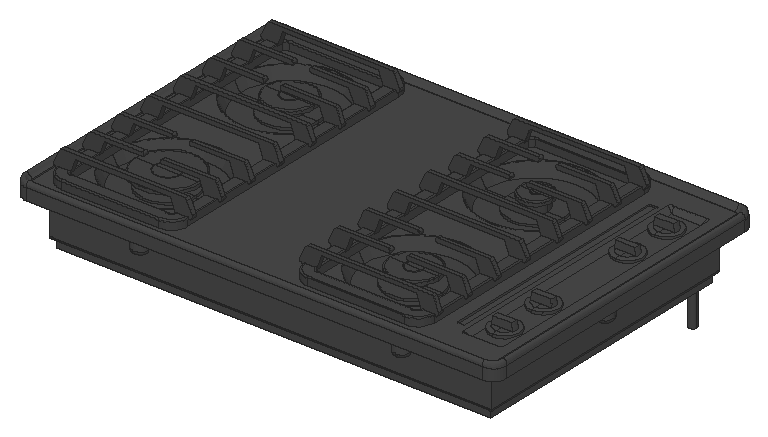
Revit family "QF_Summit_TTL053S_Cooktop", category Specialty Equipment, Revit 2020
Family settings
  Round Connector Dimension = Use Diameter
  Part Type = Normal
  Work Plane-Based = No
  Always vertical = Yes
  Cut with Voids When Loaded = No
  Shared = No
  Room Calculation Point = No
Parameters
  Weight in Pounds = 27
  Watts = 0 W
  Volts = 115 V
  URL Cutsheet = ""
  Specification by User = ""
  Specification by Manufacturer = ""
  Serial Number = ""
  Seismic Rating = ""
  SMACNA No = ""
  Revision Code = ""
  Plumbing Remarks = ""
  Plumbing Connection Type = ""
  Phase = 1
  Number of Poles = 1
  NAFEM Spec ID Number = ""
  Model = "TTL053S"
  Min Ckt Ampacity = 0 A
  Max Overcurrent Protection = 0 A
  Masterspec = ""
  Manufacturer = "Summit"
  Length = 29 3/4"
  Item Number = ""
  Installed By = ""
  Identify Quantity as Lot = yes
  Height = 4"
  HP = ""
  Gas Size = 0"
  Gas RI Height = 0"
  Gas KW = 0
  Gas Input = 12000.0 Btu/h
  Gas Connection Height = 0"
  Furnished By = ""
  Foodservice Equipment Identifier = yes
  FL Amps = 0 A
  Electrical Remarks = ""
  Elec Conn RI Height = 0"
  Elec Conn Connection Height = 0"
  Description = "Cooktop"
  Depth = 20"
  Default Elevation = 0"
  Cycle = 60 Hz
  Conn Plug = "3 Prong Cord"
  Conn Conduit = yes
  CSI MasterFormat = ""
  Apparent Power = 0 VA
Reference planes (in)
  plane 1 "BACK": y = 0
  plane 2: z = 0
  plane 3 "LEFT": x = 0
  plane 4 "RIGHT": x = 29.75
  plane 5 "FRONT": y = -20
  plane 6 "TOP": z = 4
  plane 7 "Center Y": x = 14.875
  plane 8 "Center X": y = -10
  plane 9: z = 3
  plane 10: z = 0.5
  plane 11: z = -2.5
Forms (in)
  Sweep 1, solid, material "QF_Plastic_Black_Smooth"
    path origin (0, 0, 3.99988) x (-1, 0, 0) y (0, -1, 0)
      loop
        line (-0.0625, 0.8125) -> (-0.0625, 19.1875)
        arc (-0.0625, 19.1875) -> (-0.28217, 19.71783) -> (-0.8125, 19.9375) r 0.75
        line (-0.8125, 19.9375) -> (-28.9375, 19.9375)
        arc (-28.9375, 19.9375) -> (-29.46783, 19.71783) -> (-29.6875, 19.1875) r 0.75
        line (-29.6875, 19.1875) -> (-29.6875, 0.8125)
        arc (-29.6875, 0.8125) -> (-29.46783, 0.28217) -> (-28.9375, 0.0625) r 0.75
        line (-28.9375, 0.0625) -> (-0.8125, 0.0625)
        arc (-0.8125, 0.0625) -> (-0.28217, 0.28217) -> (-0.0625, 0.8125) r 0.75
    profile origin (0.0625, -10, 3.99988) x (1, 0, 0) y (0, 0, 1)
      loop
        line (0.50007, -0.99988) -> (0.50007, -0.24988)
        spline (0.50007, -0.24988) -> (0.38683, -0.22526) -> (0.30986, -0.16677) -> (0.25459, -0.09746) -> (0.20654, -0.0403) -> (0.15715, -0.00897) -> (0.1083, -0.00102) -> (0.06291, -0.01235) -> (0.02367, -0.03905) -> (-0.00886, -0.07917) -> (-0.03532, -0.13183) -> (-0.05489, -0.20201) -> (-0.06266, -0.31115)
        line (-0.06266, -0.31115) -> (-0.06266, -0.99988) -> (0.50007, -0.99988)
  Extrusion 2, solid, material "QF_Plastic_Black_Smooth"
    sketch origin (23.1875, -0.5625, 3.49988) x (0, 1, 0) y (1, 0, 0)
      loop
        circle (-4.74127, -17.90956) r 3.49904
      loop
        line (-18.875, 5.75) -> (-18.875, -22.375)
        arc (-18.875, -22.375) -> (-18.80178, -22.55178) -> (-18.625, -22.625) r 0.25
        line (-18.625, -22.625) -> (-0.25, -22.625)
        arc (-0.25, -22.625) -> (-0.07322, -22.55178) -> (0, -22.375) r 0.25
        line (0, -22.375) -> (0, 5.75)
        arc (0, 5.75) -> (-0.07322, 5.92678) -> (-0.25, 6) r 0.25
        line (-0.25, 6) -> (-18.625, 6)
        arc (-18.625, 6) -> (-18.80178, 5.92678) -> (-18.875, 5.75) r 0.25
      loop
        circle (-4.74127, -2.71662) r 3.49904
      loop
        circle (-14.13373, -17.90956) r 3.49904
      loop
        circle (-14.13373, -2.71662) r 3.49904
    from 0.49988 to -0.25012
  Blend 3, void
    base sketch origin (23.18874, -0.56796, 3.79988) x (0, 1, 0) y (-1, 0, 0)
      loop
        arc (-1.25, -3) -> (-1.32322, -2.82322) -> (-1.5, -2.75) r 0.25
        line (-1.5, -2.75) -> (-17.375, -2.75)
        arc (-17.375, -2.75) -> (-17.55178, -2.82322) -> (-17.625, -3) r 0.25
        line (-17.625, -3) -> (-17.625, -5.25)
        arc (-17.625, -5.25) -> (-17.55178, -5.42678) -> (-17.375, -5.5) r 0.25
        line (-17.375, -5.5) -> (-1.5, -5.5)
        arc (-1.5, -5.5) -> (-1.32322, -5.42678) -> (-1.25, -5.25) r 0.25
        line (-1.25, -5.25) -> (-1.25, -3)
    top sketch origin (23.18874, -0.56796, 3.79988) x (0, 1, 0) y (-1, 0, 0)
      loop
        line (-1.71875, -3.21875) -> (-17.15625, -3.21875) -> (-17.15625, -5.03125) -> (-1.71875, -5.03125) -> (-1.71875, -3.21875)
    from 0.0625 to -0.31152
  Extrusion 4, void
    sketch origin (23.18874, -0.56796, 3.79988) x (0, 1, 0) y (-1, 0, 0)
      loop
        arc (-2, -2.1875) -> (-2.01831, -2.14331) -> (-2.0625, -2.125) r 0.0625
        line (-2.0625, -2.125) -> (-16.8125, -2.125)
        arc (-16.8125, -2.125) -> (-16.85669, -2.14331) -> (-16.875, -2.1875) r 0.0625
        line (-16.875, -2.1875) -> (-16.875, -2.5625)
        arc (-16.875, -2.5625) -> (-16.85669, -2.60669) -> (-16.8125, -2.625) r 0.0625
        line (-16.8125, -2.625) -> (-2.0625, -2.625)
        arc (-2.0625, -2.625) -> (-2.01831, -2.60669) -> (-2, -2.5625) r 0.0625
        line (-2, -2.5625) -> (-2, -2.1875)
    from 0.0625 to -0.125
  Revolve 5, solid, material "QF_Plastic_Black_Smooth"
    sketch origin (27.31374, -3, 0.48835) x (0, 1, 0) y (0, 0, 1)
      loop
        line (-0.75736, 3) -> (-0.50736, 3) -> (-0.50736, 3.07947) -> (0.15671, 3.07947) -> (0.15671, 3.2014)
        arc (0.15671, 3.2014) -> (0.03405, 3.23774) -> (-0.09329, 3.25) r 0.66737
        line (-0.09329, 3.25) -> (-0.75736, 3.25) -> (-0.75736, 3)
      axis (-0.75736, 3.25) -> (-0.75736, 3)
    angle from 0 to 360
  Blend 6, solid, material "QF_Plastic_Black_Smooth"
    base sketch origin (5.74846, -3, 4.23835) x (-1, 0, 0) y (0, -1, 0)
      loop
        arc (-20.9318, 0.55812) -> (-20.90121, 0.75736) -> (-20.9318, 0.95659) r 0.66406
        line (-20.9318, 0.95659) -> (-22.19875, 0.95659)
        arc (-22.19875, 0.95659) -> (-22.22934, 0.75736) -> (-22.19875, 0.55812) r 0.66406
        line (-22.19875, 0.55812) -> (-20.9318, 0.55812)
    top sketch origin (5.74846, -3, 4.23835) x (-1, 0, 0) y (0, -1, 0)
      loop
        arc (-20.98589, 0.57514) -> (-20.95791, 0.75736) -> (-20.98589, 0.93958) r 0.60736
        line (-20.98589, 0.93958) -> (-22.14466, 0.93958)
        arc (-22.14466, 0.93958) -> (-22.17264, 0.75736) -> (-22.14466, 0.57514) r 0.60736
        line (-22.14466, 0.57514) -> (-20.98589, 0.57514)
    from -0.5 to -0.05271
  Revolve 7, solid, material "QF_Plastic_Black_Smooth", not visible
    sketch origin (21.56528, -3, 0) x (0, 1, 0) y (0, 0, 1)
      loop
        line (-0.75736, 3) -> (-0.50736, 3) -> (-0.50736, 3.07947) -> (0.15671, 3.07947) -> (0.15671, 3.2014)
        arc (0.15671, 3.2014) -> (0.03405, 3.23774) -> (-0.09329, 3.25) r 0.66737
        line (-0.09329, 3.25) -> (-0.75736, 3.25) -> (-0.75736, 3)
      axis (-0.75736, 3.25) -> (-0.75736, 3)
    angle from 0 to 360
  Blend 8, solid, material "QF_Plastic_Black_Smooth", not visible
    base sketch origin (0, -3, 3.75) x (-1, 0, 0) y (0, -1, 0)
      loop
        arc (-20.9318, 0.55812) -> (-20.90121, 0.75736) -> (-20.9318, 0.95659) r 0.66406
        line (-20.9318, 0.95659) -> (-22.19875, 0.95659)
        arc (-22.19875, 0.95659) -> (-22.22934, 0.75736) -> (-22.19875, 0.55812) r 0.66406
        line (-22.19875, 0.55812) -> (-20.9318, 0.55812)
    top sketch origin (0, -3, 3.75) x (-1, 0, 0) y (0, -1, 0)
      loop
        arc (-20.98589, 0.57514) -> (-20.95791, 0.75736) -> (-20.98589, 0.93958) r 0.60736
        line (-20.98589, 0.93958) -> (-22.14466, 0.93958)
        arc (-22.14466, 0.93958) -> (-22.17264, 0.75736) -> (-22.14466, 0.57514) r 0.60736
        line (-22.14466, 0.57514) -> (-20.98589, 0.57514)
    from -0.5 to -0.05271
  Revolve 9, solid, material "QF_Plastic_Black_Smooth"
    sketch origin (27.31156, -3.00158, 0.48835) x (0, 1, 0) y (0, 0, 1)
      loop
        line (-3.75736, 3) -> (-3.50736, 3) -> (-3.50736, 3.07947) -> (-2.84329, 3.07947) -> (-2.84329, 3.2014)
        arc (-2.84329, 3.2014) -> (-2.96595, 3.23774) -> (-3.09329, 3.25) r 0.66737
        line (-3.09329, 3.25) -> (-3.75736, 3.25) -> (-3.75736, 3)
      axis (-3.75736, 3.25) -> (-3.75736, 3)
    angle from 0 to 360
  Blend 10, solid, material "QF_Plastic_Black_Smooth"
    base sketch origin (5.74628, -3.00158, 4.23835) x (-1, 0, 0) y (0, -1, 0)
      loop
        arc (-20.9318, 3.55812) -> (-20.90121, 3.75736) -> (-20.9318, 3.95659) r 0.66406
        line (-20.9318, 3.95659) -> (-22.19875, 3.95659)
        arc (-22.19875, 3.95659) -> (-22.22934, 3.75736) -> (-22.19875, 3.55812) r 0.66406
        line (-22.19875, 3.55812) -> (-20.9318, 3.55812)
    top sketch origin (5.74628, -3.00158, 4.23835) x (-1, 0, 0) y (0, -1, 0)
      loop
        arc (-20.98589, 3.57514) -> (-20.95791, 3.75736) -> (-20.98589, 3.93958) r 0.60736
        line (-20.98589, 3.93958) -> (-22.14466, 3.93958)
        arc (-22.14466, 3.93958) -> (-22.17264, 3.75736) -> (-22.14466, 3.57514) r 0.60736
        line (-22.14466, 3.57514) -> (-20.98589, 3.57514)
    from -0.5 to -0.05271
  Revolve 11, solid, material "QF_Plastic_Black_Smooth"
    sketch origin (27.31156, -6.00158, 0.48835) x (0, 1, 0) y (0, 0, 1)
      loop
        line (-10.24264, 3) -> (-10.24264, 3.25) -> (-10.90671, 3.25)
        arc (-10.90671, 3.25) -> (-11.03405, 3.23774) -> (-11.15671, 3.2014) r 0.66737
        line (-11.15671, 3.2014) -> (-11.15671, 3.07947) -> (-10.49264, 3.07947) -> (-10.49264, 3) -> (-10.24264, 3)
      axis (-10.24264, 3.25) -> (-10.24264, 3)
    angle from 0 to 360
  Blend 12, solid, material "QF_Plastic_Black_Smooth"
    base sketch origin (5.74628, -6.00158, 4.23835) x (-1, 0, 0) y (0, -1, 0)
      loop
        line (-20.9318, 10.44188) -> (-22.19875, 10.44188)
        arc (-22.19875, 10.44188) -> (-22.22934, 10.24264) -> (-22.19875, 10.04341) r 0.66406
        line (-22.19875, 10.04341) -> (-20.9318, 10.04341)
        arc (-20.9318, 10.04341) -> (-20.90121, 10.24264) -> (-20.9318, 10.44188) r 0.66406
    top sketch origin (5.74628, -6.00158, 4.23835) x (-1, 0, 0) y (0, -1, 0)
      loop
        line (-20.98589, 10.42486) -> (-22.14466, 10.42486)
        arc (-22.14466, 10.42486) -> (-22.17264, 10.24264) -> (-22.14466, 10.06042) r 0.60736
        line (-22.14466, 10.06042) -> (-20.98589, 10.06042)
        arc (-20.98589, 10.06042) -> (-20.95791, 10.24264) -> (-20.98589, 10.42486) r 0.60736
    from -0.5 to -0.05271
  Revolve 13, solid, material "QF_Plastic_Black_Smooth"
    sketch origin (27.31156, -3.00158, 0.48835) x (0, 1, 0) y (0, 0, 1)
      loop
        line (-10.24264, 3) -> (-10.24264, 3.25) -> (-10.90671, 3.25)
        arc (-10.90671, 3.25) -> (-11.03405, 3.23774) -> (-11.15671, 3.2014) r 0.66737
        line (-11.15671, 3.2014) -> (-11.15671, 3.07947) -> (-10.49264, 3.07947) -> (-10.49264, 3) -> (-10.24264, 3)
      axis (-10.24264, 3.25) -> (-10.24264, 3)
    angle from 0 to 360
  Blend 14, solid, material "QF_Plastic_Black_Smooth"
    base sketch origin (5.74628, -3.00158, 4.23835) x (-1, 0, 0) y (0, -1, 0)
      loop
        line (-20.9318, 10.44188) -> (-22.19875, 10.44188)
        arc (-22.19875, 10.44188) -> (-22.22934, 10.24264) -> (-22.19875, 10.04341) r 0.66406
        line (-22.19875, 10.04341) -> (-20.9318, 10.04341)
        arc (-20.9318, 10.04341) -> (-20.90121, 10.24264) -> (-20.9318, 10.44188) r 0.66406
    top sketch origin (5.74628, -3.00158, 4.23835) x (-1, 0, 0) y (0, -1, 0)
      loop
        line (-20.98589, 10.42486) -> (-22.14466, 10.42486)
        arc (-22.14466, 10.42486) -> (-22.17264, 10.24264) -> (-22.14466, 10.06042) r 0.60736
        line (-22.14466, 10.06042) -> (-20.98589, 10.06042)
        arc (-20.98589, 10.06042) -> (-20.95791, 10.24264) -> (-20.98589, 10.42486) r 0.60736
    from -0.5 to -0.05271
  Revolve 15, solid, material "QF_Plastic_Black_Smooth", not visible
    sketch origin (21.56528, -20.00316, 0) x (0, 1, 0) y (0, 0, 1)
      loop
        line (16.2458, 3) -> (16.4958, 3) -> (16.4958, 3.07947) -> (17.15986, 3.07947) -> (17.15986, 3.2014)
        arc (17.15986, 3.2014) -> (17.0372, 3.23774) -> (16.90986, 3.25) r 0.66737
        line (16.90986, 3.25) -> (16.2458, 3.25) -> (16.2458, 3)
      axis (16.2458, 3.25) -> (16.2458, 3)
    angle from 0 to 360
  Blend 16, solid, material "QF_Plastic_Black_Smooth", not visible
    base sketch origin (0, -20.00316, 3.75) x (-1, 0, 0) y (0, -1, 0)
      loop
        arc (-20.9318, -16.44503) -> (-20.90121, -16.2458) -> (-20.9318, -16.04657) r 0.66406
        line (-20.9318, -16.04657) -> (-22.19875, -16.04657)
        arc (-22.19875, -16.04657) -> (-22.22934, -16.2458) -> (-22.19875, -16.44503) r 0.66406
        line (-22.19875, -16.44503) -> (-20.9318, -16.44503)
    top sketch origin (0, -20.00316, 3.75) x (-1, 0, 0) y (0, -1, 0)
      loop
        arc (-20.98589, -16.42802) -> (-20.95791, -16.2458) -> (-20.98589, -16.06358) r 0.60736
        line (-20.98589, -16.06358) -> (-22.14466, -16.06358)
        arc (-22.14466, -16.06358) -> (-22.17264, -16.2458) -> (-22.14466, -16.42802) r 0.60736
        line (-22.14466, -16.42802) -> (-20.98589, -16.42802)
    from -0.5 to -0.05271
  Extrusion 17, solid, material "QF_Plastic_Black_Smooth"
    sketch origin (9.68847, 8.08075, 0) x (-1, 0, 0) y (0, 1, 0)
      loop
        circle (-17.75, -10) r 0.25
    from -0.5 to 2.5
  Sweep 18, solid, material "QF_Plastic_Black_Smooth"
    path origin (0, 0, 0) x (1, 0, 0) y (0, 1, 0)
      loop
        line (28.5, -1.25) -> (1.25, -1.25) -> (1.25, -18.75) -> (28.5, -18.75) -> (28.5, -1.25)
    profile origin (28.5, -10, 0) x (1, 0, 0) y (0, 0, 1)
      loop
        line (-0.25, 0) -> (-0.25, 0.5) -> (-0.13174, 0.5)
        arc (-0.13174, 0.5) -> (-0.03859, 0.53859) -> (0, 0.63174) r 0.13174
        line (0, 0.63174) -> (0, 3) -> (-0.125, 3) -> (-0.125, 0.625) -> (-0.375, 0.625) -> (-0.375, 0) -> (-0.25, 0)
  Extrusion 19, solid, material "QF_Plastic_Black_Smooth"
    sketch origin (28.125, -1.625, 0.625) x (0, -1, 0) y (1, 0, 0)
      loop
        line (0, -26.5) -> (16.75, -26.5) -> (16.75, 0) -> (0, 0) -> (0, -26.5)
    from 0 to -0.125
  Extrusion 20, solid, material "QF_Plastic_Black_Smooth"
    sketch origin (28.125, -1.625, 0.5) x (1, 0, 0) y (0, -1, 0)
      loop
        circle (-1.43653, 0.29425) r 0.25
    from 0 to 0.0625
  Revolve 21, solid, material "QF_Metal_Black"
    sketch origin (0, -5.30377, 0) x (1, 0, 0) y (0, 0, 1)
      loop
        line (5.27794, 3.69939) -> (5.27794, 3.94939) -> (4.77794, 3.94939) -> (4.77794, 3.88689) -> (4.71544, 3.88689) -> (4.71544, 3.94939) -> (3.84044, 3.94939)
        arc (3.84044, 3.94939) -> (3.79624, 3.93109) -> (3.77794, 3.88689) r 0.0625
        line (3.77794, 3.88689) -> (3.77794, 3.69939) -> (5.27794, 3.69939)
      axis (5.27794, 3.69939) -> (5.27794, 3.94939)
    angle from 0 to 360
  Revolve 22, solid, material "QF_Metal_Black"
    sketch origin (12.31795, -14.69623, 0) x (1, 0, 0) y (0, 0, 1)
      loop
        line (8.15294, 3.69939) -> (8.15294, 3.94939) -> (7.65294, 3.94939) -> (7.65294, 3.88689) -> (7.59044, 3.88689) -> (7.59044, 3.94939) -> (6.71544, 3.94939)
        arc (6.71544, 3.94939) -> (6.67124, 3.93109) -> (6.65294, 3.88689) r 0.0625
        line (6.65294, 3.88689) -> (6.65294, 3.69939) -> (8.15294, 3.69939)
      axis (8.15294, 3.69939) -> (8.15294, 3.94939)
    angle from 0 to 360
  Revolve 23, solid, material "QF_Metal_Black"
    sketch origin (3.25935, -5.30377, 0) x (1, 0, 0) y (0, 0, 1)
      loop
        line (17.21154, 3.94939) -> (16.96154, 3.94939) -> (16.96154, 3.88689) -> (16.89904, 3.88689) -> (16.89904, 3.94939) -> (16.27404, 3.94939)
        arc (16.27404, 3.94939) -> (16.22984, 3.93109) -> (16.21154, 3.88689) r 0.0625
        line (16.21154, 3.88689) -> (16.21154, 3.69939) -> (17.21154, 3.69939) -> (17.21154, 3.94939)
      axis (17.21154, 3.69939) -> (17.21154, 3.94939)
    angle from 0 to 360
  Revolve 24, solid, material "QF_Metal_Black"
    sketch origin (0, -14.69623, 0) x (1, 0, 0) y (0, 0, 1)
      loop
        line (5.27794, 3.69939) -> (5.27794, 3.94939) -> (4.52794, 3.94939) -> (4.52794, 3.88689) -> (4.46544, 3.88689) -> (4.46544, 3.94939) -> (3.34044, 3.94939)
        arc (3.34044, 3.94939) -> (3.29624, 3.93109) -> (3.27794, 3.88689) r 0.0625
        line (3.27794, 3.88689) -> (3.27794, 3.69939) -> (5.27794, 3.69939)
      axis (5.27794, 3.69939) -> (5.27794, 3.94939)
    angle from 0 to 360
  Revolve 25, solid, material "QF_Plastic_Black_Smooth"
    sketch origin (0, -10, 0) x (1, 0, 0) y (0, 0, 1)
      loop
        line (1.25, 3) -> (0.75, 3) -> (0.75, 2)
        arc (0.75, 2) -> (0.8255, 1.83445) -> (1, 1.7829) r 0.21926
        line (1, 1.7829) -> (1.25, 1.7829) -> (1.25, 3)
      axis (1.25, 1.7829) -> (1.25, 3)
    angle from -90 to 90
  Revolve 26, solid, material "QF_Plastic_Black_Smooth"
    sketch origin (24, -10, 0) x (-1, 0, 0) y (0, 0, -1)
      loop
        line (-4.5, -3) -> (-4.5, -1.7829) -> (-4.75, -1.7829)
        arc (-4.75, -1.7829) -> (-4.9245, -1.83445) -> (-5, -2) r 0.21926
        line (-5, -2) -> (-5, -3) -> (-4.5, -3)
      axis (-4.5, -1.7829) -> (-4.5, -3)
    angle from -90 to 90
  Revolve 27, solid, material "QF_Plastic_Black_Smooth"
    sketch origin (21.33132, -1.25, 0) x (-1, 0, 0) y (0, 0, -1)
      loop
        line (-1.625, -3) -> (-1.625, -1.7829) -> (-1.875, -1.7829)
        arc (-1.875, -1.7829) -> (-2.0495, -1.83445) -> (-2.125, -2) r 0.21926
        line (-2.125, -2) -> (-2.125, -3) -> (-1.625, -3)
      axis (-1.625, -1.7829) -> (-1.625, -3)
    angle from 0 to 180
  Revolve 28, solid, material "QF_Plastic_Black_Smooth"
    sketch origin (5.19698, -1.25, 0) x (-1, 0, 0) y (0, 0, -1)
      loop
        line (-1.625, -3) -> (-1.625, -1.7829) -> (-1.875, -1.7829)
        arc (-1.875, -1.7829) -> (-2.0495, -1.83445) -> (-2.125, -2) r 0.21926
        line (-2.125, -2) -> (-2.125, -3) -> (-1.625, -3)
      axis (-1.625, -1.7829) -> (-1.625, -3)
    angle from 0 to 180
  Revolve 29, solid, material "QF_Plastic_Black_Smooth"
    sketch origin (21.33132, -18.75, 0) x (-1, 0, 0) y (0, 0, 1)
      loop
        line (-1.625, 3) -> (-2.125, 3) -> (-2.125, 2)
        arc (-2.125, 2) -> (-2.0495, 1.83445) -> (-1.875, 1.7829) r 0.21926
        line (-1.875, 1.7829) -> (-1.625, 1.7829) -> (-1.625, 3)
      axis (-1.625, 1.7829) -> (-1.625, 3)
    angle from 0 to 180
  Revolve 30, solid, material "QF_Plastic_Black_Smooth"
    sketch origin (5.19698, -18.75, 0) x (-1, 0, 0) y (0, 0, 1)
      loop
        line (-1.625, 3) -> (-2.125, 3) -> (-2.125, 2)
        arc (-2.125, 2) -> (-2.0495, 1.83445) -> (-1.875, 1.7829) r 0.21926
        line (-1.875, 1.7829) -> (-1.625, 1.7829) -> (-1.625, 3)
      axis (-1.625, 1.7829) -> (-1.625, 3)
    angle from 0 to 180
Cuts and joins
  Blend 3, Extrusion 4 cuts Extrusion 2
Lines and regions (in)
  symbolic lines
    curve 1: arc (27.31374, -2.84329, 4.23835) -> (26.39968, -3.75736, 4.23835) -> (27.31374, -4.67142, 4.23835) r 0.91406
    curve 2: arc (27.31374, -4.67142, 4.23835) -> (28.2278, -3.75736, 4.23835) -> (27.31374, -2.84329, 4.23835) r 0.91406
    curve 3: line (26.68027, -3.55812, 4.23835) -> (27.94721, -3.55812, 4.23835)
    curve 4: line (27.94721, -3.95659, 4.23835) -> (26.68027, -3.95659, 4.23835)
    curve 5: arc (26.68027, -3.55812, 4.23835) -> (26.64968, -3.75736, 4.23835) -> (26.68027, -3.95659, 4.23835) r 0.66406
    curve 6: arc (27.94721, -3.95659, 4.23835) -> (27.9778, -3.75736, 4.23835) -> (27.94721, -3.55812, 4.23835) r 0.66406
    curve 13: arc (27.31156, -5.84487, 4.23835) -> (26.3975, -6.75893, 4.23835) -> (27.31156, -7.673, 4.23835) r 0.91406
    curve 14: arc (27.31156, -7.673, 4.23835) -> (28.22562, -6.75893, 4.23835) -> (27.31156, -5.84487, 4.23835) r 0.91406
    curve 15: line (26.67809, -6.5597, 4.23835) -> (27.94503, -6.5597, 4.23835)
    curve 16: line (27.94503, -6.95817, 4.23835) -> (26.67809, -6.95817, 4.23835)
    curve 17: arc (26.67809, -6.5597, 4.23835) -> (26.6475, -6.75893, 4.23835) -> (26.67809, -6.95817, 4.23835) r 0.66406
    curve 18: arc (27.94503, -6.95817, 4.23835) -> (27.97562, -6.75893, 4.23835) -> (27.94503, -6.5597, 4.23835) r 0.66406
    curve 19: arc (27.31156, -17.15828, 4.23835) -> (26.3975, -16.24422, 4.23835) -> (27.31156, -15.33016, 4.23835) r 0.91406
    curve 20: arc (27.31156, -15.33016, 4.23835) -> (28.22562, -16.24422, 4.23835) -> (27.31156, -17.15828, 4.23835) r 0.91406
    curve 21: line (26.67809, -16.44345, 4.23835) -> (27.94503, -16.44345, 4.23835)
    curve 22: line (27.94503, -16.04499, 4.23835) -> (26.67809, -16.04499, 4.23835)
    curve 23: arc (26.67809, -16.44345, 4.23835) -> (26.6475, -16.24422, 4.23835) -> (26.67809, -16.04499, 4.23835) r 0.66406
    curve 24: arc (27.94503, -16.04499, 4.23835) -> (27.97562, -16.24422, 4.23835) -> (27.94503, -16.44345, 4.23835) r 0.66406
    curve 25: arc (27.31156, -14.15828, 4.23835) -> (26.3975, -13.24422, 4.23835) -> (27.31156, -12.33016, 4.23835) r 0.91406
    curve 26: arc (27.31156, -12.33016, 4.23835) -> (28.22562, -13.24422, 4.23835) -> (27.31156, -14.15828, 4.23835) r 0.91406
    curve 27: line (26.67809, -13.44345, 4.23835) -> (27.94503, -13.44345, 4.23835)
    curve 28: line (27.94503, -13.04499, 4.23835) -> (26.67809, -13.04499, 4.23835)
    curve 29: arc (26.67809, -13.44345, 4.23835) -> (26.6475, -13.24422, 4.23835) -> (26.67809, -13.04499, 4.23835) r 0.66406
    curve 30: arc (27.94503, -13.04499, 4.23835) -> (27.97562, -13.24422, 4.23835) -> (27.94503, -13.44345, 4.23835) r 0.66406
    curve 37: line (0.5625, -0.8125, 0) -> (0.5625, -19.1875, 0)
    curve 38: line (28.9375, -0.5625, 0) -> (0.8125, -0.5625, 0)
    curve 39: arc (0.5625, -0.8125, 0) -> (0.63572, -0.63572, 0) -> (0.8125, -0.5625, 0) r 0.25
    curve 40: arc (28.9375, -0.5625, 0) -> (29.11428, -0.63572, 0) -> (29.1875, -0.8125, 0) r 0.25
    curve 41: line (29.1875, -19.1875, 0) -> (29.1875, -0.8125, 0)
    curve 42: line (28.21999, -2.28671, 0) -> (26.40749, -2.28671, 0)
    curve 43: line (26.40749, -2.28671, 0) -> (26.40749, -17.72421, 0)
    curve 44: line (26.40749, -17.72421, 0) -> (28.21999, -17.72421, 0)
    curve 45: line (28.21999, -17.72421, 0) -> (28.21999, -2.28671, 0)
    curve 46: line (26.25446, -1.9588, 0) -> (28.37302, -1.9588, 0)
    curve 47: arc (28.37302, -1.9588, 0) -> (28.49668, -2.01002, 0) -> (28.5479, -2.13368, 0) r 0.17489
    curve 48: line (28.5479, -2.13368, 0) -> (28.5479, -17.87723, 0)
    curve 49: arc (28.5479, -17.87723, 0) -> (28.49668, -18.0009, 0) -> (28.37302, -18.05212, 0) r 0.17489
    curve 50: line (28.37302, -18.05212, 0) -> (26.25446, -18.05212, 0)
    curve 51: arc (26.25446, -18.05212, 0) -> (26.1308, -18.0009, 0) -> (26.07958, -17.87723, 0) r 0.17489
    curve 52: line (26.07958, -17.87723, 0) -> (26.07958, -2.13368, 0)
    curve 53: arc (26.07958, -2.13368, 0) -> (26.1308, -2.01002, 0) -> (26.25446, -1.9588, 0) r 0.17489
    curve 54: line (25.31374, -17.38046, 0) -> (25.31374, -2.63046, 0)
    curve 55: arc (25.31374, -2.63046, 0) -> (25.33205, -2.58626, 0) -> (25.37624, -2.56796, 0) r 0.0625
    curve 56: line (25.37624, -2.56796, 0) -> (25.75124, -2.56796, 0)
    curve 57: arc (25.75124, -2.56796, 0) -> (25.79543, -2.58626, 0) -> (25.81374, -2.63046, 0) r 0.0625
    curve 58: line (25.81374, -2.63046, 0) -> (25.81374, -17.38046, 0)
    curve 59: arc (25.81374, -17.38046, 0) -> (25.79543, -17.42465, 0) -> (25.75124, -17.44296, 0) r 0.0625
    curve 60: line (25.75124, -17.44296, 0) -> (25.37624, -17.44296, 0)
    curve 61: arc (25.37624, -17.44296, 0) -> (25.33205, -17.42465, 0) -> (25.31374, -17.38046, 0) r 0.0625
    curve 62: line (0.8125, -19.4375, 0) -> (28.9375, -19.4375, 0)
    curve 63: arc (29.1875, -19.1875, 0) -> (29.11428, -19.36428, 0) -> (28.9375, -19.4375, 0) r 0.25
    curve 64: arc (0.8125, -19.4375, 0) -> (0.63572, -19.36428, 0) -> (0.5625, -19.1875, 0) r 0.25
    curve 65: line (-0.00016, -19.1875, 0) -> (-0.00016, -0.8125, 0)
    curve 66: arc (-0.00016, -0.8125, 0) -> (0.23786, -0.23786, 0) -> (0.8125, 0.00016, 0) r 0.81266
    curve 67: line (0.8125, 0.00016, 0) -> (28.9375, 0.00016, 0)
    curve 68: arc (28.9375, 0.00016, 0) -> (29.51214, -0.23786, 0) -> (29.75016, -0.8125, 0) r 0.81266
    curve 69: line (29.75016, -0.8125, 0) -> (29.75016, -19.1875, 0)
    curve 70: arc (29.75016, -19.1875, 0) -> (29.51214, -19.76214, 0) -> (28.9375, -20.00016, 0) r 0.81266
    curve 71: line (28.9375, -20.00016, 0) -> (0.8125, -20.00016, 0)
    curve 72: arc (0.8125, -20.00016, 0) -> (0.23786, -19.76214, 0) -> (-0.00016, -19.1875, 0) r 0.81266
    curve 73: arc (6.77794, -5.30377, 0) -> (6.66138, -5.8835, 0) -> (6.32982, -6.37314, 0) r 1.5
    curve 74: arc (3.77794, -5.30377, 0) -> (3.86331, -4.80495, 0) -> (4.1097, -4.3629, 0) r 1.5
    curve 75: arc (4.77794, -5.30377, 0) -> (5.27794, -4.80377, 0) -> (5.77794, -5.30377, 0) r 0.5
    curve 76: arc (5.77794, -5.30377, 0) -> (5.27794, -5.80377, 0) -> (4.77794, -5.30377, 0) r 0.5
    curve 77: arc (18.72185, -5.30377, 0) -> (18.79036, -4.81901, 0) -> (18.99055, -4.37224, 0) r 1.74904
    curve 78: arc (22.21992, -5.30377, 0) -> (22.1288, -5.86093, 0) -> (21.86495, -6.36005, 0) r 1.74904
    curve 79: arc (21.47088, -5.30377, 0) -> (20.47088, -6.30377, 0) -> (19.47088, -5.30377, 0) r 1
    curve 80: arc (19.47088, -5.30377, 0) -> (20.47088, -4.30377, 0) -> (21.47088, -5.30377, 0) r 1
    curve 81: arc (20.22088, -5.30377, 0) -> (20.47088, -5.05377, 0) -> (20.72088, -5.30377, 0) r 0.25
    curve 82: arc (20.72088, -5.30377, 0) -> (20.47088, -5.55377, 0) -> (20.22088, -5.30377, 0) r 0.25
    curve 83: arc (3.27794, -14.69623, 0) -> (3.35793, -14.13624, 0) -> (3.59152, -13.62105, 0) r 2
    curve 84: arc (7.27794, -14.69623, 0) -> (7.2165, -15.18811, 0) -> (7.03599, -15.64978, 0) r 2
    curve 85: arc (6.02794, -14.69623, 0) -> (5.27794, -15.44623, 0) -> (4.52794, -14.69623, 0) r 0.75
    curve 86: arc (4.52794, -14.69623, 0) -> (5.27794, -13.94623, 0) -> (6.02794, -14.69623, 0) r 0.75
    curve 87: arc (21.97088, -14.69623, 0) -> (21.8897, -15.183, 0) -> (21.65495, -15.61709, 0) r 1.5
    curve 88: arc (18.97088, -14.69623, 0) -> (19.08577, -14.12051, 0) -> (19.41282, -13.63298, 0) r 1.5
    curve 89: arc (19.97088, -14.69623, 0) -> (20.47088, -14.19623, 0) -> (20.97088, -14.69623, 0) r 0.5
    curve 90: arc (20.97088, -14.69623, 0) -> (20.47088, -15.19623, 0) -> (19.97088, -14.69623, 0) r 0.5
    curve 91: arc (6.44829, -4.36554, 0) -> (6.69313, -4.80654, 0) -> (6.77794, -5.30377, 0) r 1.5
    curve 92: arc (6.00005, -6.61851, 0) -> (5.30676, -6.80349, 0) -> (4.60688, -6.64529, 0) r 1.5
    curve 93: arc (4.34823, -4.12663, 0) -> (5.27744, -3.80377, 0) -> (6.20686, -4.12602, 0) r 1.5
    curve 94: arc (4.24744, -6.39376, 0) -> (3.9003, -5.89717, 0) -> (3.77794, -5.30377, 0) r 1.5
    curve 95: arc (19.18671, -4.11632, 0) -> (20.47893, -3.55475, 0) -> (21.76593, -4.12819, 0) r 1.74904
    curve 96: arc (21.95467, -4.37775, 0) -> (22.1523, -4.82214, 0) -> (22.21992, -5.30377, 0) r 1.74904
    curve 97: arc (21.61924, -6.62302, 0) -> (20.4941, -7.05265, 0) -> (19.35796, -6.65304, 0) r 1.74904
    curve 98: arc (19.09731, -6.38656, 0) -> (18.81838, -5.87679, 0) -> (18.72185, -5.30377, 0) r 1.74904
    curve 99: arc (21.51879, -13.62296, 0) -> (21.85325, -14.11393, 0) -> (21.97088, -14.69623, 0) r 1.5
    curve 100: arc (21.40266, -15.87172, 0) -> (20.47892, -16.1962, 0) -> (19.55176, -15.88164, 0) r 1.5
    curve 101: arc (19.30495, -15.63995, 0) -> (19.05687, -15.19678, 0) -> (18.97088, -14.69623, 0) r 1.5
    curve 102: arc (6.98346, -13.65162, 0) -> (7.20291, -14.15357, 0) -> (7.27794, -14.69623, 0) r 2
    curve 103: arc (6.89066, -15.87906, 0) -> (5.26987, -16.69621, 0) -> (3.65572, -15.86601, 0) r 2
    curve 104: arc (3.49635, -15.60505, 0) -> (3.33331, -15.16358, 0) -> (3.27794, -14.69623, 0) r 2
    curve 105: arc (3.80563, -13.3426, 0) -> (5.31089, -12.6965, 0) -> (6.79404, -13.39184, 0) r 2
    curve 106: arc (5.27794, -11.19719, 0) -> (3.34087, -11.78229, 0) -> (2.05163, -13.34191, 0) r 3.49904
    curve 107: arc (5.27794, -18.19526, 0) -> (5.59399, -18.18096, 0) -> (5.90746, -18.13817, 0) r 3.49904
    curve 108: arc (2.17718, -14.69623, 0) -> (2.22514, -14.15294, 0) -> (2.36756, -13.62646, 0) r 3.10076
    curve 109: arc (8.37869, -14.69623, 0) -> (8.34399, -15.15887, 0) -> (8.24064, -15.61115, 0) r 3.10076
    curve 110: arc (17.37013, -14.69623, 0) -> (17.41831, -14.15172, 0) -> (17.56136, -13.62413, 0) r 3.10076
    curve 111: arc (23.57164, -14.69623, 0) -> (23.53639, -15.16245, 0) -> (23.43144, -15.61807, 0) r 3.10076
    curve 112: arc (22.21992, -14.69623, 0) -> (22.15083, -15.18295, 0) -> (21.94903, -15.63122, 0) r 1.74904
    curve 113: arc (18.72185, -14.69623, 0) -> (18.81557, -14.13137, 0) -> (19.08669, -13.62704, 0) r 1.74904
    curve 114: arc (20.47088, -1.80473, 0) -> (20.16646, -1.818, 0) -> (19.86434, -1.8577, 0) r 3.49904
    curve 115: arc (23.57164, -5.30377, 0) -> (23.52322, -5.8496, 0) -> (23.37948, -6.37838, 0) r 3.10076
    curve 116: arc (17.37013, -5.30377, 0) -> (17.40631, -4.83145, 0) -> (17.51402, -4.37015, 0) r 3.10076
    curve 117: arc (2.17718, -5.30377, 0) -> (2.21285, -4.83475, 0) -> (2.31907, -4.37652, 0) r 3.10076
    curve 118: arc (5.27794, -1.80473, 0) -> (4.93803, -1.82128, 0) -> (4.60134, -1.87077, 0) r 3.49904
    curve 119: arc (8.37869, -5.30377, 0) -> (8.32757, -5.86451, 0) -> (8.17588, -6.40676, 0) r 3.10076
    curve 120: arc (3.5289, -5.30377, 0) -> (3.59902, -4.8135, 0) -> (3.80375, -4.36254, 0) r 1.74904
    curve 121: arc (7.02697, -5.30377, 0) -> (6.93488, -5.86382, 0) -> (6.66831, -6.3649, 0) r 1.74904
    curve 122: arc (3.82427, -2.12098, 0) -> (2.70604, -2.9313, 0) -> (1.98841, -4.11116, 0) r 3.49904
    curve 123: arc (5.93047, -1.86612, 0) -> (5.60564, -1.82011, 0) -> (5.27794, -1.80473, 0) r 3.49904
    curve 124: arc (8.57049, -4.11957, 0) -> (7.86529, -2.94817, 0) -> (6.76501, -2.13646, 0) r 3.49904
    curve 125: arc (8.24134, -4.39111, 0) -> (8.34416, -4.8423, 0) -> (8.37869, -5.30377, 0) r 3.10076
    curve 126: arc (8.08523, -6.62052, 0) -> (5.27638, -8.40453, 0) -> (2.46932, -6.61769, 0) r 3.10076
    curve 127: arc (3.99761, -4.11217, 0) -> (5.2798, -3.55473, 0) -> (6.5608, -4.11491, 0) r 1.74904
    curve 128: arc (6.75932, -4.37391, 0) -> (6.95873, -4.81996, 0) -> (7.02697, -5.30377, 0) r 1.74904
    curve 129: arc (6.4133, -6.63421, 0) -> (5.29556, -7.05272, 0) -> (4.16961, -6.65682, 0) r 1.74904
    curve 130: arc (3.90112, -6.38243, 0) -> (3.62457, -5.87431, 0) -> (3.5289, -5.30377, 0) r 1.74904
    curve 131: arc (2.41441, -4.11426, 0) -> (5.28437, -2.20302, 0) -> (8.14637, -4.12615, 0) r 3.10076
    curve 132: arc (2.04204, -6.63503, 0) -> (2.90751, -7.87755, 0) -> (4.2169, -8.63806, 0) r 3.49904
    curve 133: arc (2.36155, -6.35706, 0) -> (2.22362, -5.83842, 0) -> (2.17718, -5.30377, 0) r 3.10076
    curve 134: arc (6.38919, -8.62166, 0) -> (7.6707, -7.8568, 0) -> (8.51692, -6.6275, 0) r 3.49904
    curve 135: arc (19.02425, -2.11778, 0) -> (17.89356, -2.93719, 0) -> (17.17335, -4.13351, 0) r 3.49904
    curve 136: arc (21.12029, -1.86552, 0) -> (20.79701, -1.81996, 0) -> (20.47088, -1.80473, 0) r 3.49904
    curve 137: arc (23.75936, -4.10828, 0) -> (23.04752, -2.93644, 0) -> (21.94004, -2.12811, 0) r 3.49904
    curve 138: arc (23.4311, -4.38084, 0) -> (23.53631, -4.83698, 0) -> (23.57164, -5.30377, 0) r 3.10076
    curve 139: arc (17.61262, -4.10167, 0) -> (20.47007, -2.20301, 0) -> (23.32851, -4.10017, 0) r 3.10076
    curve 140: arc (17.23676, -6.63931, 0) -> (18.11687, -7.89257, 0) -> (19.44792, -8.64993, 0) r 3.49904
    curve 141: arc (23.27893, -6.61889, 0) -> (20.47146, -8.40453, 0) -> (17.66332, -6.61994, 0) r 3.10076
    curve 142: arc (17.55984, -6.37173, 0) -> (17.41792, -5.84611, 0) -> (17.37013, -5.30377, 0) r 3.10076
    curve 143: arc (21.56645, -8.62687, 0) -> (22.84664, -7.87263, 0) -> (23.69842, -6.65516, 0) r 3.49904
    curve 144: arc (19.36537, -11.37642, 0) -> (18.09662, -12.12598, 0) -> (17.24899, -13.33142, 0) r 3.49904
    curve 145: arc (23.69709, -13.34166, 0) -> (22.879, -12.15767, 0) -> (21.65354, -11.40311, 0) r 3.49904
    curve 146: arc (23.37774, -13.61692, 0) -> (23.52278, -14.14793, 0) -> (23.57164, -14.69623, 0) r 3.10076
    curve 147: arc (23.33173, -15.89215, 0) -> (20.46638, -17.79698, 0) -> (17.60658, -15.88384, 0) r 3.10076
    curve 148: arc (17.51435, -15.63089, 0) -> (17.40639, -15.16909, 0) -> (17.37013, -14.69623, 0) r 3.10076
    curve 149: arc (17.68753, -13.32962, 0) -> (20.49059, -11.59553, 0) -> (23.27139, -13.36511, 0) r 3.10076
    curve 150: arc (17.17305, -15.86566, 0) -> (17.8981, -17.06774, 0) -> (19.03727, -17.88809, 0) r 3.49904
    curve 151: arc (21.93785, -17.8729, 0) -> (23.02155, -17.09151, 0) -> (23.73338, -15.96089, 0) r 3.49904
    curve 152: arc (6.78733, -17.85297, 0) -> (7.85065, -17.06781, 0) -> (8.54684, -15.94423, 0) r 3.49904
    curve 153: arc (4.69103, -18.14569, 0) -> (4.98344, -18.18285, 0) -> (5.27794, -18.19526, 0) r 3.49904
    curve 154: arc (8.13822, -15.8935, 0) -> (5.27214, -17.79698, 0) -> (2.4132, -15.88281, 0) r 3.10076
    curve 155: arc (8.17474, -13.59023, 0) -> (8.32728, -14.1339, 0) -> (8.37869, -14.69623, 0) r 3.10076
    curve 156: arc (8.50017, -13.33225, 0) -> (7.21063, -11.77939, 0) -> (5.27794, -11.19719, 0) r 3.49904
    curve 157: arc (2.00679, -15.93836, 0) -> (2.73072, -17.09518, 0) -> (3.8421, -17.8871, 0) r 3.49904
    curve 158: arc (2.47364, -13.37311, 0) -> (5.27778, -11.59547, 0) -> (8.0821, -13.37283, 0) r 3.10076
    curve 159: arc (2.31178, -15.59991, 0) -> (2.21101, -15.15306, 0) -> (2.17718, -14.69623, 0) r 3.10076
    curve 160: arc (21.16857, -18.125, 0) -> (20.47088, -18.19526, 0) -> (19.77319, -18.125, 0) r 3.49904
    curve 161: arc (19.34033, -13.3617, 0) -> (20.48485, -12.94724, 0) -> (21.62261, -13.37992, 0) r 1.74904
    curve 162: arc (19.768, -13.3711, 0) -> (20.47565, -13.19623, 0) -> (21.18217, -13.37559, 0) r 1.5
    curve 163: arc (21.84775, -13.61763, 0) -> (22.12426, -14.12572, 0) -> (22.21992, -14.69623, 0) r 1.74904
    curve 164: arc (18.98293, -15.61554, 0) -> (18.78838, -15.17406, 0) -> (18.72185, -14.69623, 0) r 1.74904
    curve 165: arc (21.76302, -15.875, 0) -> (20.47088, -16.44526, 0) -> (19.17874, -15.875, 0) r 1.74904
  symbolic lines, not visible
    curve 7: arc (21.56528, -2.84329, 3.75) -> (20.65121, -3.75736, 3.75) -> (21.56528, -4.67142, 3.75) r 0.91406
    curve 8: arc (21.56528, -4.67142, 3.75) -> (22.47934, -3.75736, 3.75) -> (21.56528, -2.84329, 3.75) r 0.91406
    curve 9: line (20.9318, -3.55812, 3.75) -> (22.19875, -3.55812, 3.75)
    curve 10: line (22.19875, -3.95659, 3.75) -> (20.9318, -3.95659, 3.75)
    curve 11: arc (20.9318, -3.55812, 3.75) -> (20.90121, -3.75736, 3.75) -> (20.9318, -3.95659, 3.75) r 0.66406
    curve 12: arc (22.19875, -3.95659, 3.75) -> (22.22934, -3.75736, 3.75) -> (22.19875, -3.55812, 3.75) r 0.66406
    curve 31: arc (21.56528, -2.84329, 3.75) -> (20.65121, -3.75736, 3.75) -> (21.56528, -4.67142, 3.75) r 0.91406
    curve 32: arc (21.56528, -4.67142, 3.75) -> (22.47934, -3.75736, 3.75) -> (21.56528, -2.84329, 3.75) r 0.91406
    curve 33: line (20.9318, -3.55812, 3.75) -> (22.19875, -3.55812, 3.75)
    curve 34: line (22.19875, -3.95659, 3.75) -> (20.9318, -3.95659, 3.75)
    curve 35: arc (20.9318, -3.55812, 3.75) -> (20.90121, -3.75736, 3.75) -> (20.9318, -3.95659, 3.75) r 0.66406
    curve 36: arc (22.19875, -3.95659, 3.75) -> (22.22934, -3.75736, 3.75) -> (22.19875, -3.55812, 3.75) r 0.66406
Dimensions and locks (in)
  equal spacing: plane 3 "LEFT", plane 7 "Center Y", plane 4 "RIGHT"
  "Length": plane 3 "LEFT" to plane 4 "RIGHT"
  equal spacing: plane 5 "FRONT", plane 8 "Center X", plane 1 "BACK"
  "Depth": plane 5 "FRONT" to plane 1 "BACK"
  "Height": plane 6 "TOP" to level
  plane 9 to level = 3"
  plane 9 to plane 10 = 2 1/2"
  plane 10 to plane 11 = 3"
  aligned and locked: level to plane 2
Automatic sketch dimensions
  Blend 6 sketch curve to Blend 6 sketch curve = 0.63347"  (x2)
  Blend 6 sketch curve to Blend 6 sketch curve = 51/256"
  Blend 6 sketch curve to Blend 6 sketch curve = 0"  (x10)
  Blend 6 sketch curve to Blend 6 sketch curve = 0.57938"  (x2)
  Blend 6 sketch curve to Blend 6 sketch curve = 0.18222"
  curve 4 to curve 1 = 0.63347"
  curve 3 to curve 1 = 51/256"
  curve 2 to curve 5 = 183/256"
  curve 3 to curve 4 = 0"
  curve 2 to curve 3 = 0.63347"
  curve 2 to curve 5 = 0"  (x4)
  curve 2 to curve 6 = 0"  (x3)
  curve 5 to curve 6 = 0"  (x3)
  curve 1 to curve 2 = 0"  (x2)
  curve 1 to curve 5 = 0"  (x2)
  curve 1 to curve 6 = 0"  (x2)
  Blend 8 sketch curve to Blend 8 sketch curve = 0.63347"  (x2)
  Blend 8 sketch curve to Blend 8 sketch curve = 51/256"
  Blend 8 sketch curve to Blend 8 sketch curve = 0"  (x10)
  Blend 8 sketch curve to Blend 8 sketch curve = 0.57938"  (x2)
  Blend 8 sketch curve to Blend 8 sketch curve = 0.18222"
  curve 10 to curve 7 = 0.63347"
  curve 9 to curve 7 = 51/256"
  curve 8 to curve 11 = 183/256"
  curve 9 to curve 10 = 0"
  curve 8 to curve 9 = 0.63347"
  curve 8 to curve 11 = 0"  (x4)
  curve 8 to curve 12 = 0"  (x3)
  curve 11 to curve 12 = 0"  (x3)
  curve 7 to curve 8 = 0"  (x2)
  curve 7 to curve 11 = 0"  (x2)
  curve 7 to curve 12 = 0"  (x2)
  Revolve 9 sketch curve to Revolve 9 sketch curve = 1/4"  (x2)
  Revolve 9 sketch curve to Revolve 9 sketch curve = 53/128"
  Revolve 9 sketch curve to Revolve 9 sketch curve = 85/128"
  Revolve 9 sketch curve to Revolve 9 sketch curve = 0"
  Revolve 9 sketch curve to Revolve 9 sketch curve = 0.12193"
  Blend 10 sketch curve to Blend 10 sketch curve = 0.63347"  (x2)
  Blend 10 sketch curve to Blend 10 sketch curve = 51/256"
  Blend 10 sketch curve to Blend 10 sketch curve = 0"  (x10)
  Blend 10 sketch curve to Blend 10 sketch curve = 0.57938"  (x2)
  Blend 10 sketch curve to Blend 10 sketch curve = 0.18222"
  Revolve 9 sketch curve to Revolve 9 sketch curve = 0.41737"
  Revolve 9 sketch curve to Revolve 9 sketch curve = 0.07947"
  Revolve 9 sketch curve to Revolve 9 sketch curve = 0.30818"
  Revolve 11 sketch curve to Revolve 11 sketch curve = 1/4"  (x2)
  Revolve 11 sketch curve to Revolve 11 sketch curve = 53/128"
  Revolve 11 sketch curve to Revolve 11 sketch curve = 85/128"
  Revolve 11 sketch curve to Revolve 11 sketch curve = 0"
  Revolve 11 sketch curve to Revolve 11 sketch curve = 0.12193"
  Blend 12 sketch curve to Blend 12 sketch curve = 0.63347"  (x2)
  Blend 12 sketch curve to Blend 12 sketch curve = 51/256"
  Blend 12 sketch curve to Blend 12 sketch curve = 0"  (x10)
  Blend 12 sketch curve to Blend 12 sketch curve = 0.57938"  (x2)
  Blend 12 sketch curve to Blend 12 sketch curve = 0.18222"
  Revolve 11 sketch curve to Revolve 11 sketch curve = 0.41737"
  Revolve 11 sketch curve to Revolve 11 sketch curve = 0.07947"
  Revolve 11 sketch curve to Revolve 11 sketch curve = 0.30818"
  Revolve 13 sketch curve to Revolve 13 sketch curve = 1/4"  (x2)
  Revolve 13 sketch curve to Revolve 13 sketch curve = 53/128"
  Revolve 13 sketch curve to Revolve 13 sketch curve = 85/128"
  Revolve 13 sketch curve to Revolve 13 sketch curve = 0"
  Revolve 13 sketch curve to Revolve 13 sketch curve = 0.12193"
  Blend 14 sketch curve to Blend 14 sketch curve = 0.63347"  (x2)
  Blend 14 sketch curve to Blend 14 sketch curve = 51/256"
  Blend 14 sketch curve to Blend 14 sketch curve = 0"  (x10)
  Blend 14 sketch curve to Blend 14 sketch curve = 0.57938"  (x2)
  Blend 14 sketch curve to Blend 14 sketch curve = 0.18222"
  Revolve 13 sketch curve to Revolve 13 sketch curve = 0.41737"
  Revolve 13 sketch curve to Revolve 13 sketch curve = 0.07947"
  Revolve 13 sketch curve to Revolve 13 sketch curve = 0.30818"
  curve 16 to curve 13 = 0.63347"
  curve 15 to curve 13 = 51/256"
  curve 14 to curve 17 = 183/256"
  curve 15 to curve 16 = 0"
  curve 14 to curve 15 = 0.63347"
  curve 14 to curve 17 = 0"  (x4)
  curve 14 to curve 18 = 0"  (x3)
  curve 17 to curve 18 = 0"  (x3)
  curve 13 to curve 14 = 0"  (x2)
  curve 13 to curve 17 = 0"  (x2)
  curve 13 to curve 18 = 0"  (x2)
  curve 22 to curve 19 = 0.63347"
  curve 19 to curve 21 = 51/256"
  curve 23 to curve 20 = 183/256"
  curve 21 to curve 22 = 0"
  curve 20 to curve 21 = 0.63347"
  curve 20 to curve 23 = 0"  (x4)
  curve 20 to curve 24 = 0"  (x3)
  curve 23 to curve 24 = 0"  (x3)
  curve 19 to curve 20 = 0"  (x2)
  curve 19 to curve 23 = 0"  (x2)
  curve 19 to curve 24 = 0"  (x2)
  curve 28 to curve 25 = 0.63347"
  curve 25 to curve 27 = 51/256"
  curve 29 to curve 26 = 183/256"
  curve 27 to curve 28 = 0"
  curve 26 to curve 27 = 0.63347"
  curve 26 to curve 29 = 0"  (x4)
  curve 26 to curve 30 = 0"  (x3)
  curve 29 to curve 30 = 0"  (x3)
  curve 25 to curve 26 = 0"  (x2)
  curve 25 to curve 29 = 0"  (x2)
  curve 25 to curve 30 = 0"  (x2)
  Revolve 15 sketch curve to Revolve 15 sketch curve = 1/4"  (x2)
  Revolve 15 sketch curve to Revolve 15 sketch curve = 53/128"
  Revolve 15 sketch curve to Revolve 15 sketch curve = 85/128"
  Revolve 15 sketch curve to Revolve 15 sketch curve = 0"
  Revolve 15 sketch curve to Revolve 15 sketch curve = 0.12193"
  Blend 16 sketch curve to Blend 16 sketch curve = 0.63347"  (x2)
  Blend 16 sketch curve to Blend 16 sketch curve = 51/256"
  Blend 16 sketch curve to Blend 16 sketch curve = 0"  (x10)
  Blend 16 sketch curve to Blend 16 sketch curve = 0.57938"  (x2)
  Blend 16 sketch curve to Blend 16 sketch curve = 0.18222"
  Revolve 15 sketch curve to Revolve 15 sketch curve = 0.41737"
  Revolve 15 sketch curve to Revolve 15 sketch curve = 0.07947"
  Revolve 15 sketch curve to Revolve 15 sketch curve = 0.30818"
  curve 34 to curve 31 = 0.63347"
  curve 33 to curve 31 = 51/256"
  curve 32 to curve 35 = 183/256"
  curve 33 to curve 34 = 0"
  curve 32 to curve 33 = 0.63347"
  curve 32 to curve 35 = 0"  (x4)
  curve 32 to curve 36 = 0"  (x3)
  curve 35 to curve 36 = 0"  (x3)
  curve 31 to curve 32 = 0"  (x2)
  curve 31 to curve 35 = 0"  (x2)
  curve 31 to curve 36 = 0"  (x2)
  Revolve 5 sketch curve to Revolve 5 sketch curve = 1/4"  (x2)
  Revolve 5 sketch curve to Revolve 5 sketch curve = 53/128"
  Revolve 5 sketch curve to Revolve 5 sketch curve = 0.41737"
  Revolve 5 sketch curve to Revolve 5 sketch curve = 0.07947"
  Revolve 5 sketch curve to Revolve 5 sketch curve = 0.12193"
  Revolve 5 sketch curve to Revolve 5 sketch curve = 0"  (x2)
  Revolve 5 sketch curve to Revolve 5 sketch curve = 0.30818"
  Revolve 7 sketch curve to Revolve 7 sketch curve = 1/4"  (x2)
  Revolve 7 sketch curve to Revolve 7 sketch curve = 53/128"
  Revolve 7 sketch curve to Revolve 7 sketch curve = 0.41737"
  Revolve 7 sketch curve to Revolve 7 sketch curve = 0.07947"
  Revolve 7 sketch curve to Revolve 7 sketch curve = 0.12193"
  Revolve 7 sketch curve to Revolve 7 sketch curve = 0"  (x2)
  Revolve 7 sketch curve to Revolve 7 sketch curve = 0.30818"
  plane 4 "RIGHT" to Sweep 1 sketch curve = 1/16"
  Sweep 1 sketch curve to Sweep 1 sketch curve = 3/4"
  Sweep 1 sketch curve to plane 5 "FRONT" = 1/16"
  plane 4 "RIGHT" to Sweep 1 sketch curve = 13/16"
  plane 3 "LEFT" to Sweep 1 sketch curve = 13/16"  (x2)
  plane 3 "LEFT" to Sweep 1 sketch curve = 1/16"
  plane 1 "BACK" to Sweep 1 sketch curve = 13/16"
  profile plane to Sweep 1 sketch curve = 0.06266"
  Sweep 1 sketch curve to profile plane = 0.50007"
  Sweep 1 sketch curve to profile plane = 0.99988"
  Sweep 1 sketch curve to profile plane = 0.31115"
  Sweep 1 sketch curve to profile plane = 0.24988"
  Extrusion 2 sketch curve to plane 5 "FRONT" = 9/16"
  Extrusion 2 sketch curve to Extrusion 2 sketch curve = 1/4"  (x3)
  Extrusion 2 sketch curve to plane 8 "Center X" = 4.69623"  (x2)
  plane 7 "Center Y" to Extrusion 2 sketch curve = 5.59588"  (x2)
  plane 8 "Center X" to Extrusion 2 sketch curve = 4.69623"  (x2)
  plane 1 "BACK" to Extrusion 2 sketch curve = 13/16"  (x2)
  plane 4 "RIGHT" to Extrusion 2 sketch curve = 13/16"
  plane 3 "LEFT" to Extrusion 2 sketch curve = 5.27794"  (x2)
  plane 3 "LEFT" to Extrusion 2 sketch curve = 13/16"
  Blend 3 sketch curve to plane 5 "FRONT" = 1.80704"
  Blend 3 sketch curve to Blend 3 sketch curve = 1/4"  (x3)
  plane 4 "RIGHT" to Blend 3 sketch curve = 1.31126"
  plane 1 "BACK" to Blend 3 sketch curve = 2.06796"  (x2)
  Blend 3 sketch curve to Blend 3 sketch curve = 2 1/4"
  Blend 3 sketch curve to plane 5 "FRONT" = 2.27579"
  plane 1 "BACK" to Blend 3 sketch curve = 2.28671"
  plane 4 "RIGHT" to Blend 3 sketch curve = 1.53001"
  Blend 3 sketch curve to Blend 3 sketch curve = 1 13/16"
  Extrusion 4 sketch curve to plane 5 "FRONT" = 2.55704"
  Extrusion 4 sketch curve to Extrusion 4 sketch curve = 1/16"  (x3)
  plane 1 "BACK" to Extrusion 4 sketch curve = 2.63046"
  Extrusion 4 sketch curve to Extrusion 4 sketch curve = 0"
  plane 4 "RIGHT" to Extrusion 4 sketch curve = 3.93626"
  Extrusion 4 sketch curve to Extrusion 4 sketch curve = 3/8"
  plane 4 "RIGHT" to Extrusion 17 sketch curve = 2.31153"
  plane 1 "BACK" to Extrusion 17 sketch curve = 1.91925"
  plane 3 "LEFT" to Sweep 18 sketch curve = 1 1/4"
  plane 4 "RIGHT" to Sweep 18 sketch curve = 1 1/4"
  Sweep 18 sketch curve to plane 5 "FRONT" = 1 1/4"
  plane 1 "BACK" to Sweep 18 sketch curve = 1 1/4"
  Sweep 18 sketch curve to level = 0"
  profile plane to Sweep 18 sketch curve = 0"
  profile plane to Sweep 18 sketch curve = 1/8"
  Sweep 18 sketch curve to Sweep 18 sketch curve = 0.00674"
  profile plane to Sweep 18 sketch curve = 1/4"
  Sweep 18 sketch curve to Sweep 18 sketch curve = 1/8"  (x2)
  level to Sweep 18 sketch curve = 1/2"
  Sweep 18 sketch curve to Sweep 18 sketch curve = 2.36826"
  Extrusion 19 sketch curve to Sweep 18 = 0"  (x4)
  Extrusion 20 sketch curve to Extrusion 20 sketch curve = 0"  (x2)
  Extrusion 19 to Extrusion 20 sketch curve = 0.29425"
  Extrusion 19 to Extrusion 20 sketch curve = 1.43653"
  Extrusion 20 sketch curve to Extrusion 20 sketch curve = 1/4"
  Revolve 21 sketch curve to plane 6 "TOP" = 0.30061"
  plane 3 "LEFT" to Revolve 21 sketch curve = 3.77794"
  Revolve 21 sketch curve to Revolve 21 sketch curve = 1/16"  (x3)
  Revolve 21 sketch curve to plane 6 "TOP" = 0.05061"  (x2)
  Revolve 21 sketch curve to Revolve 21 sketch curve = 7/8"
  Revolve 21 sketch curve to Revolve 21 sketch curve = 1/2"
  Revolve 21 sketch curve to Revolve 21 sketch curve = 0"  (x2)
  plane 6 "TOP" to Revolve 21 sketch curve = 0.08522"
  Revolve 22 sketch curve to plane 6 "TOP" = 0.30061"
  plane 7 "Center Y" to Revolve 22 sketch curve = 4.09588"
  Revolve 22 sketch curve to Revolve 22 sketch curve = 1/16"  (x3)
  Revolve 22 sketch curve to plane 6 "TOP" = 0.05061"  (x2)
  Revolve 22 sketch curve to Revolve 22 sketch curve = 7/8"
  Revolve 22 sketch curve to Revolve 22 sketch curve = 1/2"
  Revolve 22 sketch curve to Revolve 22 sketch curve = 0"  (x2)
  plane 6 "TOP" to Revolve 22 sketch curve = 0.08522"
  Revolve 23 sketch curve to plane 6 "TOP" = 0"
  Revolve 23 sketch curve to plane 6 "TOP" = 0.30061"
  plane 7 "Center Y" to Revolve 23 sketch curve = 4.59588"
  Revolve 23 sketch curve to Revolve 23 sketch curve = 1/16"  (x3)
  Revolve 23 sketch curve to plane 6 "TOP" = 0.05061"  (x2)
  Revolve 23 sketch curve to Revolve 23 sketch curve = 5/8"
  Revolve 23 sketch curve to Revolve 23 sketch curve = 1/4"
  Revolve 23 sketch curve to Revolve 23 sketch curve = 0"
  plane 6 "TOP" to Revolve 23 sketch curve = 0.66712"
  Revolve 24 sketch curve to plane 6 "TOP" = 0.30061"
  plane 3 "LEFT" to Revolve 24 sketch curve = 3.27794"
  Revolve 24 sketch curve to Revolve 24 sketch curve = 1/16"  (x3)
  Revolve 24 sketch curve to plane 6 "TOP" = 0.11311"  (x2)
  Revolve 24 sketch curve to Revolve 24 sketch curve = 1 1/8"
  Revolve 24 sketch curve to Revolve 24 sketch curve = 3/4"
  Revolve 24 sketch curve to plane 6 "TOP" = 0.05061"
  Revolve 24 sketch curve to Revolve 24 sketch curve = 0"
  plane 6 "TOP" to Revolve 24 sketch curve = 0.18845"
  Revolve 25 sketch curve to plane 9 = 0"  (x2)
  plane 3 "LEFT" to Revolve 25 sketch curve = 3/4"
  Revolve 25 sketch curve to Revolve 25 sketch curve = 0.21926"
  Revolve 25 sketch curve to Revolve 25 sketch curve = 0.03074"
  Revolve 25 sketch curve to Revolve 25 sketch curve = 1/4"
  Revolve 25 sketch curve to plane 9 = 1"
  Revolve 25 sketch curve to Revolve 25 sketch curve = 0"
  plane 9 to Revolve 25 sketch curve = 0.41303"
  Revolve 26 sketch curve to plane 9 = 0"  (x2)
  plane 4 "RIGHT" to Revolve 26 sketch curve = 3/4"
  Revolve 26 sketch curve to Revolve 26 sketch curve = 0.21926"
  Revolve 26 sketch curve to Revolve 26 sketch curve = 0.03074"
  Revolve 26 sketch curve to Revolve 26 sketch curve = 1/4"
  Revolve 26 sketch curve to plane 9 = 1"
  Revolve 26 sketch curve to Revolve 26 sketch curve = 0"
  Revolve 26 sketch curve to Revolve 26 sketch curve = 0.41303"
  Revolve 27 sketch curve to plane 9 = 0"  (x2)
  Revolve 27 sketch curve to plane 9 = 1"
  plane 7 "Center Y" to Revolve 27 sketch curve = 8.58132"
  Revolve 27 sketch curve to Revolve 27 sketch curve = 0.21926"
  Revolve 27 sketch curve to Revolve 27 sketch curve = 0.03074"
  Revolve 27 sketch curve to Revolve 27 sketch curve = 1/4"
  Revolve 27 sketch curve to Revolve 27 sketch curve = 0"
  Revolve 27 sketch curve to Revolve 27 sketch curve = 0.41303"
  Revolve 28 sketch curve to plane 9 = 0"  (x2)
  Revolve 28 sketch curve to plane 9 = 1"
  Revolve 28 sketch curve to plane 7 "Center Y" = 7.55302"
  Revolve 28 sketch curve to Revolve 28 sketch curve = 0.21926"
  Revolve 28 sketch curve to Revolve 28 sketch curve = 0.03074"
  Revolve 28 sketch curve to Revolve 28 sketch curve = 1/4"
  Revolve 28 sketch curve to Revolve 28 sketch curve = 0"
  Revolve 28 sketch curve to Revolve 28 sketch curve = 0.41303"
  Revolve 29 sketch curve to plane 9 = 0"  (x2)
  Revolve 29 sketch curve to plane 9 = 1"
  plane 7 "Center Y" to Revolve 29 sketch curve = 8.58132"
  Revolve 29 sketch curve to Revolve 29 sketch curve = 0.21926"
  Revolve 29 sketch curve to Revolve 29 sketch curve = 0.03074"
  Revolve 29 sketch curve to Revolve 29 sketch curve = 1/4"
  Revolve 29 sketch curve to Revolve 29 sketch curve = 0"
  plane 9 to Revolve 29 sketch curve = 0.41303"
  Revolve 30 sketch curve to plane 9 = 0"  (x2)
  Revolve 30 sketch curve to plane 9 = 1"
  Revolve 30 sketch curve to plane 7 "Center Y" = 7.55302"
  Revolve 30 sketch curve to Revolve 30 sketch curve = 0.21926"
  Revolve 30 sketch curve to Revolve 30 sketch curve = 0.03074"
  Revolve 30 sketch curve to Revolve 30 sketch curve = 1/4"
  Revolve 30 sketch curve to Revolve 30 sketch curve = 0"
  plane 9 to Revolve 30 sketch curve = 0.41303"
  curve 39 to curve 66 = 0"  (x2)
  curve 40 to curve 68 = 0"  (x2)
  curve 63 to curve 70 = 0"  (x2)
  curve 64 to curve 72 = 0"
  curve 73 to curve 74 = 0"  (x2)
  curve 73 to curve 75 = 0"  (x2)
  curve 73 to curve 91 = 0"
  curve 73 to curve 92 = 0"  (x2)
  curve 73 to curve 93 = 0"  (x2)
  curve 73 to curve 94 = 0"
  curve 76 to curve 134 = 0"  (x2)
  curve 77 to curve 78 = 0"  (x2)
  curve 77 to curve 79 = 0"  (x2)
  curve 77 to curve 81 = 0"  (x2)
  curve 77 to curve 95 = 0"  (x2)
  curve 77 to curve 96 = 0"
  curve 77 to curve 97 = 0"  (x2)
  curve 77 to curve 98 = 0"
  curve 77 to curve 114 = 0"  (x2)
  curve 77 to curve 115 = 0"  (x2)
  curve 77 to curve 116 = 0"  (x2)
  curve 77 to curve 135 = 0"  (x2)
  curve 77 to curve 136 = 0"
  curve 77 to curve 137 = 0"  (x2)
  curve 77 to curve 138 = 0"
  curve 77 to curve 139 = 0"  (x2)
  curve 77 to curve 140 = 0"  (x2)
  curve 77 to curve 141 = 0"  (x2)
  curve 77 to curve 142 = 0"
  curve 77 to curve 143 = 0"  (x2)
  curve 83 to curve 84 = 0"  (x2)
  curve 83 to curve 85 = 0"  (x2)
  curve 83 to curve 102 = 0"
  curve 83 to curve 103 = 0"  (x2)
  curve 83 to curve 104 = 0"
  curve 83 to curve 105 = 0"  (x2)
  curve 83 to curve 106 = 0"
  curve 87 to curve 88 = 0"  (x2)
  curve 87 to curve 89 = 0"  (x2)
  curve 87 to curve 99 = 0"
  curve 87 to curve 100 = 0"  (x2)
  curve 87 to curve 101 = 0"
  curve 87 to curve 110 = 0"  (x2)
  curve 87 to curve 111 = 0"
  curve 87 to curve 112 = 0"
  curve 87 to curve 113 = 0"
  curve 87 to curve 144 = 0"  (x2)
  curve 87 to curve 145 = 0"
  curve 105 to curve 159 = 0"
  curve 106 to curve 107 = 0"
  curve 106 to curve 108 = 0"
  curve 108 to curve 109 = 0"
  curve 108 to curve 154 = 0"
  curve 109 to curve 157 = 0"
  curve 117 to curve 119 = 0"
  curve 117 to curve 128 = 0"
  curve 118 to curve 134 = 0"
  curve 119 to curve 133 = 0"
  curve 120 to curve 134 = 0"
  curve 121 to curve 134 = 0"
  curve 122 to curve 134 = 0"  (x2)
